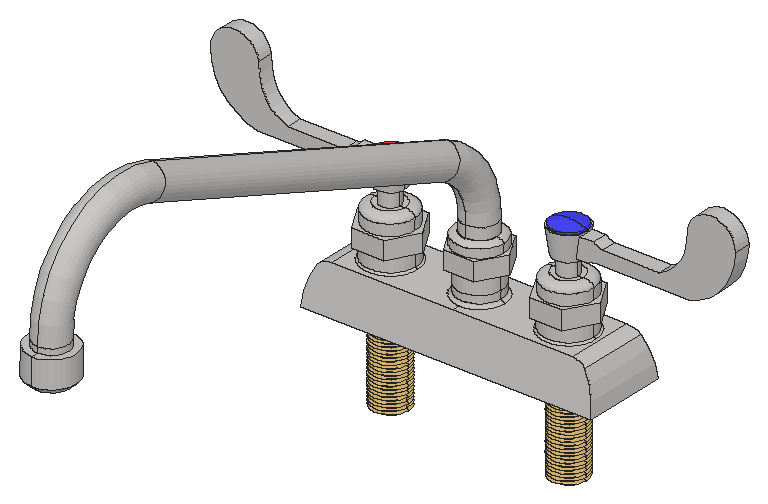
Revit family "15-312L-W-E4", category Specialty Equipment, Revit 2018
Family settings
  Round Connector Dimension = Use Diameter
  Part Type = Normal
  OmniClass Number = 23.45.05.14
  OmniClass Title = Plumbing Fixtures - Sanitary Washing Units
  Work Plane-Based = No
  Always vertical = Yes
  Cut with Voids When Loaded = No
  Shared = No
  Room Calculation Point = No
Parameters
  Plumbing Remarks = ""
  Plumbing Connection Type = ""
  Model = "15-312L-W-E4"
  Masterspec = ""
  Manufacturer = "Krowne Metal"
  Item Number = ""
  Inlet = 1/2"
  Hot Water Temperature = 100 °F
  Hot Water Size = 1/2"
  Hot Water RI Height = 0"
  Hot Water Flow = 1.5 GPM
  Hot Water Connection Height = 0"
  Description = "4\" Deck Mount Faucet with 12\" Spout & Vandal Resistant Wrist Blades Handles"
  Cold Water Size = 1/2"
  Cold Water RI Height = 0"
  Cold Water Flow = 1.5 GPM
  Cold Water Connection Height = 0"
  Assembly Code = "D2010400"
Reference planes
  plane 1 "Center (Front/Back)": y = 0
  plane 2: z = 0
  plane 3 "Center (Left/Right)": x = 0
  plane 4: x = 50.8
  plane 5: x = -50.8
  plane 6: y = -304.8
  plane 7: z = 114.3
  plane 8: z = 200.828
  plane 9: z = 82.55
  plane 10: z = -49.997
Forms (mm)
  Revolve 1, solid, material "Metal- Brass-Chrome Plated Brass"
    sketch origin (0, 0, 0) x (1, 0, 0) y (0, 0, 1)
      loop
        line (-61.101, 0) -> (-61.101, -1.81) -> (-59.556, -2.716) -> (-61.133, -3.623) -> (-59.551, -4.529) -> (-61.126, -5.44) -> (-59.555, -6.344) -> (-61.12, -7.25) -> (-59.556, -8.156) -> (-61.126, -9.067) -> (-59.549, -9.97) -> (-61.126, -10.88) -> (-59.527, -11.768) -> (-61.101, -12.679) -> (-59.549, -13.602) -> (-61.101, -14.499) -> (-59.561, -15.414) -> (-61.132, -16.323) -> (-59.555, -17.231) -> (-61.12, -18.136) -> (-59.549, -19.043) -> (-61.115, -19.946) -> (-59.556, -20.856) -> (-61.126, -21.767) -> (-59.549, -22.67) -> (-61.121, -23.577) -> (-59.528, -24.468) -> (-61.126, -25.393) -> (-59.549, -26.296) -> (-61.115, -27.199) -> (-59.528, -28.095) -> (-61.126, -29.019) -> (-59.556, -29.93) -> (-61.126, -30.833) -> (-59.549, -31.743) -> (-61.132, -32.65) -> (-59.556, -33.556) -> (-61.101, -34.445) -> (-59.549, -35.37) -> (-61.12, -36.276) -> (-59.556, -37.183) -> (-61.132, -38.089) -> (-59.554, -38.997) -> (-61.114, -39.9) -> (-59.556, -40.81) -> (-61.126, -41.719) -> (-59.554, -42.624) -> (-61.101, -43.547) -> (-59.549, -44.436) -> (-61.126, -45.346) -> (-59.549, -46.249) -> (-61.101, -47.145) -> (-59.549, -48.063) -> (-61.12, -48.976) -> (-59.361, -49.997) -> (-50.8, -49.997) -> (-50.8, 0) -> (-61.101, 0)
      axis (-50.8, 0) -> (-50.8, -49.997)
    angle from 0 to 360
  Revolve 2, solid, material "Metal- Brass-Chrome Plated Brass"
    sketch origin (101.6, 0, 0) x (1, 0, 0) y (0, 0, 1)
      loop
        line (-61.101, 0) -> (-61.101, -1.81) -> (-59.556, -2.716) -> (-61.133, -3.623) -> (-59.551, -4.529) -> (-61.126, -5.44) -> (-59.555, -6.344) -> (-61.12, -7.25) -> (-59.556, -8.156) -> (-61.126, -9.067) -> (-59.549, -9.97) -> (-61.126, -10.88) -> (-59.527, -11.768) -> (-61.101, -12.679) -> (-59.549, -13.602) -> (-61.101, -14.499) -> (-59.561, -15.414) -> (-61.132, -16.323) -> (-59.555, -17.231) -> (-61.12, -18.136) -> (-59.549, -19.043) -> (-61.115, -19.946) -> (-59.556, -20.856) -> (-61.126, -21.767) -> (-59.549, -22.67) -> (-61.121, -23.577) -> (-59.528, -24.468) -> (-61.126, -25.393) -> (-59.549, -26.296) -> (-61.115, -27.199) -> (-59.528, -28.095) -> (-61.126, -29.019) -> (-59.556, -29.93) -> (-61.126, -30.833) -> (-59.549, -31.743) -> (-61.132, -32.65) -> (-59.556, -33.556) -> (-61.101, -34.445) -> (-59.549, -35.37) -> (-61.12, -36.276) -> (-59.556, -37.183) -> (-61.132, -38.089) -> (-59.554, -38.997) -> (-61.114, -39.9) -> (-59.556, -40.81) -> (-61.126, -41.719) -> (-59.554, -42.624) -> (-61.101, -43.547) -> (-59.549, -44.436) -> (-61.126, -45.346) -> (-59.549, -46.249) -> (-61.101, -47.145) -> (-59.549, -48.063) -> (-61.12, -48.976) -> (-59.361, -49.997) -> (-50.8, -49.997) -> (-50.8, 0) -> (-61.101, 0)
      axis (-50.8, 0) -> (-50.8, -49.997)
    angle from 0 to 360
  Extrusion 3, solid, material "Metal_Finishes_Stainless Steel"
    sketch origin (0, 0, 0) x (1, 0, 0) y (0, 0, 1)
      loop
        line (0, 24.998) -> (-68.422, 24.998)
        arc (-68.422, 24.998) -> (-72.524, 24.278) -> (-76.137, 22.205) r 12.051
        arc (-76.137, 22.205) -> (-80.87, 11.546) -> (-82.51, 0) r 42.26
        line (-82.51, 0) -> (82.51, 0)
        arc (82.51, 0) -> (80.87, 11.546) -> (76.137, 22.205) r 42.26
        arc (76.137, 22.205) -> (72.524, 24.278) -> (68.422, 24.998) r 12.051
        line (68.422, 24.998) -> (0, 24.998)
    from -25.797 to 25.796
  Extrusion 4, void
    sketch origin (0, 0, 0) x (0, 1, 0) y (0, 0, 1)
      loop
        line (27.815, 25.964) -> (19.05, 25.964) -> (24.097, 0) -> (27.815, 0) -> (27.815, 25.964)
    from -92.047 to 92.74
  Extrusion 5, void
    sketch origin (0, 0, 0) x (0, -1, 0) y (0, 0, -1)
      loop
        line (27.815, -25.964) -> (27.815, 0) -> (24.097, 0) -> (19.05, -25.964) -> (27.815, -25.964)
    from -92.047 to 92.74
  Revolve 6, solid, material "Plastic-Brass-Red"
    sketch origin (0, 0, 0) x (1, 0, 0) y (0, 0, 1)
      loop
        arc (-50.8, 81.518) -> (-55.813, 80.999) -> (-60.546, 79.266) r 20.394
        line (-60.546, 79.266) -> (-60.546, 78.373) -> (-50.8, 78.373) -> (-50.8, 81.518)
      axis (-50.8, 81.518) -> (-50.8, 78.373)
    angle from 0 to 360
  Revolve 7, solid, material "Plastic-Brass-Blue"
    sketch origin (0, 0, 0) x (-1, 0, 0) y (0, 0, 1)
      loop
        arc (-50.8, 81.518) -> (-55.813, 80.999) -> (-60.546, 79.266) r 20.394
        line (-60.546, 79.266) -> (-60.546, 78.373) -> (-50.8, 78.373) -> (-50.8, 81.518)
      axis (-50.8, 81.518) -> (-50.8, 78.373)
    angle from 0 to 360
  Sweep 8, solid, material "Metal_Finishes_Stainless Steel"
    path origin (0, 0, 1.588) x (0, 1, 0) y (0, 0, 1)
      loop
        line (-0.032, 53.887) -> (-0.032, 62.347)
        arc (-0.032, 62.347) -> (-6.765, 86.87) -> (-26.519, 102.884) r 41.577
        line (-26.519, 102.884) -> (-236.354, 184.376)
        arc (-236.354, 184.376) -> (-284.14, 178.18) -> (-304.8, 134.647) r 50.312
        line (-304.8, 134.647) -> (-304.8, 115.748)
    profile origin (0, -131.437, 145.217) x (0, -0.36202, -0.93217) y (1, 0, 0)
      loop
        circle (0, 0) r 9.525
  Revolve 9, solid, material "Metal_Finishes_Stainless Steel"
    sketch origin (0, 0, 6.35) x (0, 1, 0) y (0, 0, 1)
      loop
        line (-290.904, 126.241) -> (-304.8, 126.241) -> (-304.8, 107.95) -> (-293.94, 107.95) -> (-290.904, 110.986) -> (-290.904, 126.241)
      axis (-304.8, 126.241) -> (-304.8, 107.95)
    angle from 0 to 360
  Extrusion 10, void
    sketch origin (0, -384.213, -8.9) x (1, 0, 0) y (0, 1, 0)
      loop
        circle (0, 79.401) r 7.476
      loop
        circle (0, 85.732) r 0.799
      loop
        circle (2.526, 85.1) r 0.799
      loop
        circle (-2.526, 85.1) r 0.799
      loop
        circle (0.07, 83.416) r 0.799
      loop
        circle (2.596, 82.785) r 0.799
      loop
        circle (-2.456, 82.785) r 0.799
      loop
        circle (-4.561, 83.487) r 0.799
      loop
        circle (4.351, 83.627) r 0.799
      loop
        circle (-5.754, 81.592) r 0.799
      loop
        circle (0.14, 81.452) r 0.799
      loop
        circle (4.491, 81.662) r 0.799
      loop
        circle (-1.904, 80.101) r 0.799
      loop
        circle (2.526, 80.75) r 0.799
      loop
        circle (0, 73.07) r 0.799
      loop
        circle (2.526, 73.701) r 0.799
      loop
        circle (-2.526, 73.701) r 0.799
      loop
        circle (0.07, 75.385) r 0.799
      loop
        circle (2.596, 76.017) r 0.799
      loop
        circle (-2.456, 76.017) r 0.799
      loop
        circle (-4.561, 75.315) r 0.799
      loop
        circle (4.351, 75.175) r 0.799
      loop
        circle (-5.754, 77.21) r 0.799
      loop
        circle (0.14, 77.35) r 0.799
      loop
        circle (4.491, 77.14) r 0.799
      loop
        circle (-3.088, 77.911) r 0.799
      loop
        circle (2.526, 78.052) r 0.799
      loop
        circle (4.116, 79.637) r 0.799
      loop
        circle (-3.63, 80.693) r 0.799
      loop
        circle (-0.07, 79.315) r 0.799
      loop
        circle (-5.542, 79.347) r 0.799
      loop
        circle (6.19, 80.509) r 0.799
      loop
        circle (6.159, 78.386) r 0.799
    from 123.2 to 126.236
  Extrusion 11, solid, material "Metal_Finishes_Stainless Steel"
    sketch origin (-5.83, 0, -0.164) x (1, 0, 0) y (0, 0, 1)
      loop
        line (-67.772, 75.098) -> (-100.001, 75.098)
        spline (-100.001, 75.098) -> (-102.705, 76.246) -> (-105.148, 77.623) -> (-107.335, 79.222) -> (-109.272, 81.037) -> (-110.962, 83.061) -> (-112.411, 85.287) -> (-113.623, 87.71) -> (-114.604, 90.323) -> (-115.359, 93.119) -> (-115.891, 96.092) -> (-116.207, 99.236) -> (-116.312, 102.544)
        arc (-116.312, 102.544) -> (-131.027, 114.341) -> (-143.868, 100.526) r 13.852
        arc (-143.868, 100.526) -> (-136.265, 79.056) -> (-116.845, 67.155) r 34.116
        line (-116.845, 67.155) -> (-63.722, 67.155)
        arc (-63.722, 67.155) -> (-61.376, 66.739) -> (-59.316, 65.543) r 6.828
        line (-59.316, 65.543) -> (-51.594, 65.543) -> (-51.594, 77.51) -> (-62.911, 77.51)
        arc (-62.911, 77.51) -> (-65.059, 75.734) -> (-67.772, 75.098) r 6.102
    from -4.471 to 4.471
  Extrusion 12, solid, material "Metal_Finishes_Stainless Steel"
    sketch origin (5.83, 0, -0.164) x (-1, 0, 0) y (0, 0, -1)
      loop
        arc (-67.772, -75.098) -> (-65.059, -75.734) -> (-62.911, -77.51) r 6.102
        line (-62.911, -77.51) -> (-51.594, -77.51) -> (-51.594, -65.543) -> (-59.316, -65.543)
        arc (-59.316, -65.543) -> (-61.376, -66.739) -> (-63.722, -67.155) r 6.828
        line (-63.722, -67.155) -> (-116.845, -67.155)
        arc (-116.845, -67.155) -> (-136.265, -79.056) -> (-143.868, -100.526) r 34.116
        arc (-143.868, -100.526) -> (-131.027, -114.341) -> (-116.312, -102.544) r 13.852
        spline (-116.312, -102.544) -> (-116.207, -99.236) -> (-115.891, -96.092) -> (-115.359, -93.119) -> (-114.604, -90.323) -> (-113.623, -87.71) -> (-112.411, -85.287) -> (-110.962, -83.061) -> (-109.272, -81.037) -> (-107.335, -79.222) -> (-105.148, -77.623) -> (-102.705, -76.246) -> (-100.001, -75.098)
        line (-100.001, -75.098) -> (-67.772, -75.098)
    from -4.471 to 4.471
  Revolve 13, solid, material "Metal_Finishes_Stainless Steel"
    sketch origin (0, 0, 0) x (1, 0, 0) y (0, 0, 1)
      loop
        line (-50.8, 78.373) -> (-61.541, 78.373) -> (-59.298, 63.402) -> (-56.358, 63.402) -> (-56.358, 53.996) -> (-59.416, 53.996)
        spline (-59.416, 53.996) -> (-60.259, 53.902) -> (-61.034, 53.773) -> (-61.741, 53.61) -> (-62.378, 53.412) -> (-62.948, 53.179) -> (-63.448, 52.911) -> (-63.88, 52.609) -> (-64.243, 52.272) -> (-64.538, 51.901) -> (-64.764, 51.494) -> (-64.922, 51.053) -> (-65.011, 50.578)
        line (-65.011, 50.578) -> (-65.011, 44.45) -> (-50.8, 44.45) -> (-50.8, 78.373)
      loop
        line (-66.35, 24.998) -> (-50.8, 24.998) -> (-50.8, 34.202) -> (-65.348, 34.202) -> (-65.348, 26)
        arc (-65.348, 26) -> (-65.642, 25.292) -> (-66.35, 24.998) r 1.002
      axis (-50.8, 78.373) -> (-50.8, 24.998)
    angle from 0 to 360
  Extrusion 14, solid, material "Metal_Finishes_Stainless Steel"
    sketch origin (0, 0, 0) x (1, 0, 0) y (0, 1, 0)
      loop
        line (-59.953, 15.854) -> (-69.106, 0) -> (-59.953, -15.854) -> (-41.647, -15.854) -> (-32.494, 0) -> (-41.647, 15.854) -> (-59.953, 15.854)
    from 34.202 to 44.45
  Revolve 15, solid, material "Metal_Finishes_Stainless Steel"
    sketch origin (0, 0, 0) x (1, 0, 0) y (0, 0, 1)
      loop
        line (-13.963, 55.474) -> (-13.963, 50.68) -> (0, 50.68) -> (0, 57.563) -> (-10.159, 57.563)
        arc (-10.159, 57.563) -> (-12.329, 57.006) -> (-13.963, 55.474) r 4.508
      loop
        line (-12.506, 31.09) -> (-12.506, 26.792)
        arc (-12.506, 26.792) -> (-13.032, 25.524) -> (-14.3, 24.998) r 1.794
        line (-14.3, 24.998) -> (0, 24.998) -> (0, 40.427) -> (-12.506, 40.427) -> (-12.506, 31.09)
      axis (0, 57.563) -> (0, 24.998)
    angle from 0 to 360
  Extrusion 16, solid, material "Metal_Finishes_Stainless Steel"
    sketch origin (-50.8, 0, 0) x (-1, 0, 0) y (0, -1, 0)
      loop
        line (-42.191, -14.911) -> (-33.583, 0) -> (-42.191, 14.911) -> (-59.409, 14.911) -> (-68.017, 0) -> (-59.409, -14.911) -> (-42.191, -14.911)
    from 40.427 to 50.68
  Revolve 17, solid, material "Metal_Finishes_Stainless Steel"
    sketch origin (0, 0, 0) x (-1, 0, 0) y (0, 0, 1)
      loop
        line (-50.8, 78.373) -> (-61.541, 78.373) -> (-59.298, 63.402) -> (-56.358, 63.402) -> (-56.358, 53.996) -> (-59.416, 53.996)
        spline (-59.416, 53.996) -> (-60.259, 53.902) -> (-61.034, 53.773) -> (-61.741, 53.61) -> (-62.378, 53.412) -> (-62.948, 53.179) -> (-63.448, 52.911) -> (-63.88, 52.609) -> (-64.243, 52.272) -> (-64.538, 51.901) -> (-64.764, 51.494) -> (-64.922, 51.053) -> (-65.011, 50.578)
        line (-65.011, 50.578) -> (-65.011, 44.45) -> (-50.8, 44.45) -> (-50.8, 78.373)
      loop
        line (-66.35, 24.998) -> (-50.8, 24.998) -> (-50.8, 34.202) -> (-65.348, 34.202) -> (-65.348, 26)
        arc (-65.348, 26) -> (-65.642, 25.292) -> (-66.35, 24.998) r 1.002
      axis (-50.8, 78.373) -> (-50.8, 24.998)
    angle from 0 to 360
  Extrusion 18, solid, material "Metal_Finishes_Stainless Steel"
    sketch origin (0, 0, 0) x (-1, 0, 0) y (0, -1, 0)
      loop
        line (-59.953, -15.854) -> (-41.647, -15.854) -> (-32.494, 0) -> (-41.647, 15.854) -> (-59.953, 15.854) -> (-69.106, 0) -> (-59.953, -15.854)
    from 34.202 to 44.45
Cuts and joins
  Extrusion 4, Extrusion 5 cuts Extrusion 3
  Extrusion 10 cuts Sweep 8
  Extrusion 10 cuts Revolve 9
  joined: Extrusion 3, Sweep 8, Revolve 9, Extrusion 11, Extrusion 12, Revolve 13, Revolve 15, Revolve 17
Dimensions and locks
  equal spacing: plane 5, plane 3 "Center (Left/Right)", plane 4
  plane 5 to plane 4 = 4"
  plane 1 "Center (Front/Back)" to plane 6 = 12"
  plane 7 to plane 2 = 4 1/2"
  plane 9 to level = 3 1/4"
  plane 8 to plane 10 = 9 7/8"
  aligned and locked: level to plane 2
Automatic sketch dimensions
  Revolve 1 sketch curve to level = 0"
  Revolve 1 sketch curve to plane 10 = 0"
  plane 5 to Revolve 1 sketch curve = 0"  (x2)
  plane 5 to Revolve 1 sketch curve = 0.33703"
  plane 5 to Revolve 1 sketch curve = 0.3436"  (x2)
  Revolve 1 sketch curve to Revolve 1 sketch curve = 0"  (x5)
  Revolve 1 sketch curve to Revolve 1 sketch curve = 0.00084"  (x2)
  plane 10 to Revolve 1 sketch curve = 0.14753"
  Revolve 1 sketch curve to Revolve 1 sketch curve = 0.00741"
  plane 10 to Revolve 1 sketch curve = 0.07613"
  Revolve 1 sketch curve to Revolve 1 sketch curve = 0.00083"
  Revolve 1 sketch curve to Revolve 1 sketch curve = 0.00085"  (x2)
  Revolve 1 sketch curve to Revolve 1 sketch curve = 0.0001"
  Revolve 1 sketch curve to Revolve 1 sketch curve = 0.00021"  (x2)
  Revolve 1 sketch curve to Revolve 1 sketch curve = 0.00023"  (x2)
  Revolve 1 sketch curve to Revolve 1 sketch curve = 0.00014"
  Revolve 1 sketch curve to Revolve 1 sketch curve = 0.00028"  (x4)
  Revolve 1 sketch curve to Revolve 1 sketch curve = 0.00007"
  Revolve 1 sketch curve to Revolve 1 sketch curve = 0.00004"
  Revolve 1 sketch curve to level = 0.10694"
  Revolve 1 sketch curve to Revolve 1 sketch curve = 0.00019"  (x2)
  Revolve 1 sketch curve to Revolve 1 sketch curve = 0.00047"
  Revolve 1 sketch curve to Revolve 1 sketch curve = 0.06064"
  Revolve 1 sketch curve to Revolve 1 sketch curve = 0.06083"  (x2)
  plane 10 to Revolve 1 sketch curve = 0.11228"
  Revolve 1 sketch curve to Revolve 1 sketch curve = 0.06111"  (x3)
  Revolve 1 sketch curve to Revolve 1 sketch curve = 0.06142"
  Revolve 1 sketch curve to Revolve 1 sketch curve = 0.06165"
  Revolve 1 sketch curve to Revolve 1 sketch curve = 0.0614"
  Revolve 1 sketch curve to Revolve 1 sketch curve = 0.06161"
  Revolve 1 sketch curve to Revolve 1 sketch curve = 0.06157"
  plane 10 to Revolve 1 sketch curve = 0.04018"
  Revolve 1 sketch curve to Revolve 1 sketch curve = 0.06185"
  Revolve 1 sketch curve to Revolve 1 sketch curve = 0.06158"
  Revolve 1 sketch curve to Revolve 1 sketch curve = 0.0619"
  Revolve 1 sketch curve to Revolve 1 sketch curve = 0.00043"
  Revolve 1 sketch curve to Revolve 1 sketch curve = 0.0618"
  Revolve 1 sketch curve to Revolve 1 sketch curve = 0.06188"
  Revolve 1 sketch curve to Revolve 1 sketch curve = 0.06181"  (x2)
  plane 10 to Revolve 1 sketch curve = 0.18308"
  Revolve 1 sketch curve to Revolve 1 sketch curve = 0.00098"
  Revolve 1 sketch curve to Revolve 1 sketch curve = 0.001"
  Revolve 1 sketch curve to Revolve 1 sketch curve = 0.00122"
  Revolve 1 sketch curve to Revolve 1 sketch curve = 0.0007"
  Revolve 1 sketch curve to Revolve 1 sketch curve = 0.0005"
  Revolve 1 sketch curve to level = 0.14263"
  Revolve 1 sketch curve to Revolve 1 sketch curve = 0.00125"
  Revolve 1 sketch curve to Revolve 1 sketch curve = 0.0714"  (x4)
  Revolve 1 sketch curve to Revolve 1 sketch curve = 0.03499"
  Revolve 1 sketch curve to Revolve 1 sketch curve = 0.03634"
  Revolve 1 sketch curve to Revolve 1 sketch curve = 0.03562"
  Revolve 1 sketch curve to Revolve 1 sketch curve = 0.07143"
  Revolve 1 sketch curve to Revolve 1 sketch curve = 0.03582"
  Revolve 1 sketch curve to Revolve 1 sketch curve = 0.03554"  (x2)
  Revolve 1 sketch curve to Revolve 1 sketch curve = 0.07127"  (x2)
  Revolve 1 sketch curve to Revolve 1 sketch curve = 0.07141"
  Revolve 1 sketch curve to Revolve 1 sketch curve = 0.03573"
  Revolve 1 sketch curve to Revolve 1 sketch curve = 0.03567"
  Revolve 1 sketch curve to Revolve 1 sketch curve = 0.03643"
  Revolve 1 sketch curve to Revolve 1 sketch curve = 0.03497"
  Revolve 1 sketch curve to Revolve 1 sketch curve = 0.07067"
  Revolve 1 sketch curve to Revolve 1 sketch curve = 0.07139"
  Revolve 1 sketch curve to Revolve 1 sketch curve = 0.07153"
  Revolve 1 sketch curve to Revolve 1 sketch curve = 0.07226"
  Revolve 1 sketch curve to Revolve 1 sketch curve = 0.07165"
  Revolve 1 sketch curve to Revolve 1 sketch curve = 0.07081"  (x2)
  Revolve 1 sketch curve to Revolve 1 sketch curve = 0.07111"
  Revolve 1 sketch curve to Revolve 1 sketch curve = 0.07195"
  Revolve 1 sketch curve to Revolve 1 sketch curve = 0.07151"
  Revolve 1 sketch curve to Revolve 1 sketch curve = 0.07082"
  Revolve 1 sketch curve to Revolve 1 sketch curve = 0.07126"
  Revolve 1 sketch curve to Revolve 1 sketch curve = 0.03584"  (x2)
  Revolve 1 sketch curve to Revolve 1 sketch curve = 0.03553"
  Revolve 1 sketch curve to Revolve 1 sketch curve = 0.07125"
  Revolve 1 sketch curve to Revolve 1 sketch curve = 0.03565"
  Revolve 1 sketch curve to Revolve 1 sketch curve = 0.07138"  (x2)
  Revolve 1 sketch curve to Revolve 1 sketch curve = 0.03581"
  Revolve 1 sketch curve to Revolve 1 sketch curve = 0.03601"
  Revolve 1 sketch curve to Revolve 1 sketch curve = 0.0353"
  Revolve 1 sketch curve to Revolve 1 sketch curve = 0.03637"
  Revolve 1 sketch curve to Revolve 1 sketch curve = 0.07083"
  Revolve 1 sketch curve to Revolve 1 sketch curve = 0.03568"  (x2)
  Revolve 1 sketch curve to Revolve 1 sketch curve = 0.03566"
  Revolve 1 sketch curve to Revolve 1 sketch curve = 0.07135"
  Revolve 1 sketch curve to Revolve 1 sketch curve = 0.26456"
  Revolve 1 sketch curve to Revolve 1 sketch curve = 0.05033"
  Revolve 2 sketch curve to level = 0"
  Revolve 2 sketch curve to plane 10 = 0"
  Revolve 2 sketch curve to plane 4 = 0"  (x2)
  Revolve 2 sketch curve to plane 4 = 0.33703"
  Revolve 2 sketch curve to plane 4 = 0.3436"  (x2)
  Revolve 2 sketch curve to Revolve 2 sketch curve = 0"  (x5)
  Revolve 2 sketch curve to Revolve 2 sketch curve = 0.00084"  (x2)
  plane 10 to Revolve 2 sketch curve = 0.14753"
  Revolve 2 sketch curve to Revolve 2 sketch curve = 0.00741"
  plane 10 to Revolve 2 sketch curve = 0.07613"
  Revolve 2 sketch curve to Revolve 2 sketch curve = 0.00083"
  Revolve 2 sketch curve to Revolve 2 sketch curve = 0.00085"  (x2)
  Revolve 2 sketch curve to Revolve 2 sketch curve = 0.0001"
  Revolve 2 sketch curve to Revolve 2 sketch curve = 0.00021"  (x2)
  Revolve 2 sketch curve to Revolve 2 sketch curve = 0.00023"  (x2)
  Revolve 2 sketch curve to Revolve 2 sketch curve = 0.00014"
  Revolve 2 sketch curve to Revolve 2 sketch curve = 0.00028"  (x4)
  Revolve 2 sketch curve to Revolve 2 sketch curve = 0.00007"
  Revolve 2 sketch curve to Revolve 2 sketch curve = 0.00004"
  Revolve 2 sketch curve to level = 0.10694"
  Revolve 2 sketch curve to Revolve 2 sketch curve = 0.00019"  (x2)
  Revolve 2 sketch curve to Revolve 2 sketch curve = 0.00047"
  Revolve 2 sketch curve to Revolve 2 sketch curve = 0.06064"
  Revolve 2 sketch curve to Revolve 2 sketch curve = 0.06083"  (x2)
  plane 10 to Revolve 2 sketch curve = 0.11228"
  Revolve 2 sketch curve to Revolve 2 sketch curve = 0.06111"  (x3)
  Revolve 2 sketch curve to Revolve 2 sketch curve = 0.06142"
  Revolve 2 sketch curve to Revolve 2 sketch curve = 0.06165"
  Revolve 2 sketch curve to Revolve 2 sketch curve = 0.0614"
  Revolve 2 sketch curve to Revolve 2 sketch curve = 0.06161"
  Revolve 2 sketch curve to Revolve 2 sketch curve = 0.06157"
  plane 10 to Revolve 2 sketch curve = 0.04018"
  Revolve 2 sketch curve to Revolve 2 sketch curve = 0.06185"
  Revolve 2 sketch curve to Revolve 2 sketch curve = 0.06158"
  Revolve 2 sketch curve to Revolve 2 sketch curve = 0.0619"
  Revolve 2 sketch curve to Revolve 2 sketch curve = 0.00043"
  Revolve 2 sketch curve to Revolve 2 sketch curve = 0.0618"
  Revolve 2 sketch curve to Revolve 2 sketch curve = 0.06188"
  Revolve 2 sketch curve to Revolve 2 sketch curve = 0.06181"  (x2)
  plane 10 to Revolve 2 sketch curve = 0.18308"
  Revolve 2 sketch curve to Revolve 2 sketch curve = 0.00098"
  Revolve 2 sketch curve to Revolve 2 sketch curve = 0.001"
  Revolve 2 sketch curve to Revolve 2 sketch curve = 0.00122"
  Revolve 2 sketch curve to Revolve 2 sketch curve = 0.0007"
  Revolve 2 sketch curve to Revolve 2 sketch curve = 0.0005"
  Revolve 2 sketch curve to level = 0.14263"
  Revolve 2 sketch curve to Revolve 2 sketch curve = 0.00125"
  Revolve 2 sketch curve to Revolve 2 sketch curve = 0.0714"  (x4)
  Revolve 2 sketch curve to Revolve 2 sketch curve = 0.03499"
  Revolve 2 sketch curve to Revolve 2 sketch curve = 0.03634"
  Revolve 2 sketch curve to Revolve 2 sketch curve = 0.03562"
  Revolve 2 sketch curve to Revolve 2 sketch curve = 0.07143"
  Revolve 2 sketch curve to Revolve 2 sketch curve = 0.03582"
  Revolve 2 sketch curve to Revolve 2 sketch curve = 0.03554"  (x2)
  Revolve 2 sketch curve to Revolve 2 sketch curve = 0.07127"  (x2)
  Revolve 2 sketch curve to Revolve 2 sketch curve = 0.07141"
  Revolve 2 sketch curve to Revolve 2 sketch curve = 0.03573"
  Revolve 2 sketch curve to Revolve 2 sketch curve = 0.03567"
  Revolve 2 sketch curve to Revolve 2 sketch curve = 0.03643"
  Revolve 2 sketch curve to Revolve 2 sketch curve = 0.03497"
  Revolve 2 sketch curve to Revolve 2 sketch curve = 0.07067"
  Revolve 2 sketch curve to Revolve 2 sketch curve = 0.07139"
  Revolve 2 sketch curve to Revolve 2 sketch curve = 0.07153"
  Revolve 2 sketch curve to Revolve 2 sketch curve = 0.07226"
  Revolve 2 sketch curve to Revolve 2 sketch curve = 0.07165"
  Revolve 2 sketch curve to Revolve 2 sketch curve = 0.07081"  (x2)
  Revolve 2 sketch curve to Revolve 2 sketch curve = 0.07111"
  Revolve 2 sketch curve to Revolve 2 sketch curve = 0.07195"
  Revolve 2 sketch curve to Revolve 2 sketch curve = 0.07151"
  Revolve 2 sketch curve to Revolve 2 sketch curve = 0.07082"
  Revolve 2 sketch curve to Revolve 2 sketch curve = 0.07126"
  Revolve 2 sketch curve to Revolve 2 sketch curve = 0.03584"  (x2)
  Revolve 2 sketch curve to Revolve 2 sketch curve = 0.03553"
  Revolve 2 sketch curve to Revolve 2 sketch curve = 0.07125"
  Revolve 2 sketch curve to Revolve 2 sketch curve = 0.03565"
  Revolve 2 sketch curve to Revolve 2 sketch curve = 0.07138"  (x2)
  Revolve 2 sketch curve to Revolve 2 sketch curve = 0.03581"
  Revolve 2 sketch curve to Revolve 2 sketch curve = 0.03601"
  Revolve 2 sketch curve to Revolve 2 sketch curve = 0.0353"
  Revolve 2 sketch curve to Revolve 2 sketch curve = 0.03637"
  Revolve 2 sketch curve to Revolve 2 sketch curve = 0.07083"
  Revolve 2 sketch curve to Revolve 2 sketch curve = 0.03568"  (x2)
  Revolve 2 sketch curve to Revolve 2 sketch curve = 0.03566"
  Revolve 2 sketch curve to Revolve 2 sketch curve = 0.07135"
  Revolve 2 sketch curve to Revolve 2 sketch curve = 0.26456"
  Revolve 2 sketch curve to Revolve 2 sketch curve = 0.05033"
  Extrusion 3 sketch curve to level = 0"
  Extrusion 3 sketch curve to plane 3 "Center (Left/Right)" = 0"
  Extrusion 3 sketch curve to level = 0.00442"  (x2)
  Extrusion 3 sketch curve to plane 5 = 0.41534"
  plane 5 to Extrusion 3 sketch curve = 0.69377"
  Extrusion 3 sketch curve to Extrusion 3 sketch curve = 0.55466"  (x2)
  Extrusion 3 sketch curve to plane 4 = 0.41534"
  plane 4 to Extrusion 3 sketch curve = 0.69377"
  level to Extrusion 3 sketch curve = 0.50975"  (x2)
  level to Extrusion 3 sketch curve = 0.98419"
  Extrusion 4 sketch curve to level = 0"
  Extrusion 4 sketch curve to plane 1 "Center (Front/Back)" = 3/4"
  Extrusion 4 sketch curve to plane 1 "Center (Front/Back)" = 0.9487"
  Extrusion 4 sketch curve to Extrusion 4 sketch curve = 0.34507"
  level to Extrusion 4 sketch curve = 1.02222"
  Extrusion 5 sketch curve to level = 0"
  Extrusion 5 sketch curve to plane 1 "Center (Front/Back)" = 3/4"
  Extrusion 5 sketch curve to plane 1 "Center (Front/Back)" = 0.9487"
  Extrusion 5 sketch curve to Extrusion 5 sketch curve = 0.34507"
  Extrusion 5 sketch curve to level = 1.02222"
  plane 5 to Revolve 6 sketch curve = 0"  (x2)
  plane 5 to Revolve 6 sketch curve = 0.0166"
  Revolve 6 sketch curve to plane 9 = 0.16446"
  plane 5 to Revolve 6 sketch curve = 0.38369"
  Revolve 6 sketch curve to Revolve 6 sketch curve = 0.67891"
  Revolve 6 sketch curve to Revolve 6 sketch curve = 0.03519"
  Revolve 6 sketch curve to Revolve 6 sketch curve = 0.04662"
  Revolve 6 sketch curve to Revolve 6 sketch curve = 0"
  Revolve 7 sketch curve to plane 4 = 0"  (x2)
  Revolve 7 sketch curve to plane 4 = 0.0166"
  plane 9 to Revolve 7 sketch curve = 0.16446"
  Revolve 7 sketch curve to plane 4 = 0.38369"
  Revolve 7 sketch curve to Revolve 7 sketch curve = 0.67891"
  Revolve 7 sketch curve to Revolve 7 sketch curve = 0.03519"
  Revolve 7 sketch curve to Revolve 7 sketch curve = 0.04662"
  Revolve 7 sketch curve to Revolve 7 sketch curve = 0"
  Sweep 8 sketch curve to plane 6 = 0"
  plane 7 to Sweep 8 sketch curve = 0.97497"
  plane 6 to Sweep 8 sketch curve = 1.97764"
  Sweep 8 sketch curve to plane 8 = 0.58524"
  Sweep 8 sketch curve to Sweep 8 sketch curve = 0.71708"
  Sweep 8 sketch curve to plane 9 = 0.66283"
  plane 1 "Center (Front/Back)" to Sweep 8 sketch curve = 1.63665"
  Sweep 8 sketch curve to plane 7 = 0.38695"
  plane 1 "Center (Front/Back)" to Sweep 8 sketch curve = 1.04406"
  plane 1 "Center (Front/Back)" to Sweep 8 sketch curve = 0.00125"
  Sweep 8 sketch curve to Sweep 8 sketch curve = 0.3331"
  plane 7 to Sweep 8 sketch curve = 0.11951"
  Sweep 8 sketch curve to plane 3 "Center (Left/Right)" = 0"
  Sweep 8 sketch curve to profile plane = 0"
  Revolve 9 sketch curve to plane 6 = 0"  (x2)
  Revolve 9 sketch curve to plane 7 = 0"
  Revolve 9 sketch curve to Revolve 9 sketch curve = 0.42758"
  Revolve 9 sketch curve to Revolve 9 sketch curve = 0.11951"
  plane 7 to Revolve 9 sketch curve = 0.11951"
  Revolve 9 sketch curve to Revolve 9 sketch curve = 0.6006"
  plane 7 to Revolve 9 sketch curve = 1/4"
  Revolve 9 sketch curve to Revolve 9 sketch curve = 0.10007"
  Extrusion 10 sketch curve to Extrusion 10 sketch curve = 0"  (x2)
  Extrusion 10 sketch curve to plane 3 "Center (Left/Right)" = 0"  (x3)
  Extrusion 10 sketch curve to plane 3 "Center (Left/Right)" = 0.00276"
  plane 6 to Extrusion 10 sketch curve = 0.02709"
  Extrusion 10 sketch curve to plane 3 "Center (Left/Right)" = 0.07498"
  Extrusion 10 sketch curve to plane 3 "Center (Left/Right)" = 0.09669"  (x2)
  Extrusion 10 sketch curve to Extrusion 10 sketch curve = 0.00276"  (x4)
  Extrusion 10 sketch curve to Extrusion 10 sketch curve = 0.02486"
  Extrusion 10 sketch curve to Extrusion 10 sketch curve = 0.06794"
  Extrusion 10 sketch curve to Extrusion 10 sketch curve = 0.08288"  (x2)
  Extrusion 10 sketch curve to plane 6 = 0.00261"
  Extrusion 10 sketch curve to Extrusion 10 sketch curve = 0.07526"
  Extrusion 10 sketch curve to Extrusion 10 sketch curve = 0.00836"
  Extrusion 10 sketch curve to Extrusion 10 sketch curve = 0.04696"
  plane 3 "Center (Left/Right)" to Extrusion 10 sketch curve = 0.00276"  (x2)
  plane 3 "Center (Left/Right)" to Extrusion 10 sketch curve = 0.00553"  (x2)
  plane 3 "Center (Left/Right)" to Extrusion 10 sketch curve = 0.09945"  (x2)
  Extrusion 10 sketch curve to Extrusion 10 sketch curve = 0.09393"  (x2)
  plane 6 to Extrusion 10 sketch curve = 0.00882"
  Extrusion 10 sketch curve to Extrusion 10 sketch curve = 0.06259"
  Extrusion 10 sketch curve to Extrusion 10 sketch curve = 0.06907"  (x2)
  Extrusion 10 sketch curve to Extrusion 10 sketch curve = 0.00553"  (x2)
  Extrusion 10 sketch curve to plane 6 = 0.04046"
  Extrusion 10 sketch curve to Extrusion 10 sketch curve = 0.06569"
  Extrusion 10 sketch curve to Extrusion 10 sketch curve = 0.06688"
  Extrusion 10 sketch curve to plane 6 = 0.0536"
  Extrusion 10 sketch curve to plane 6 = 0.05913"
  Extrusion 10 sketch curve to plane 6 = 0.08123"
  Extrusion 10 sketch curve to Extrusion 10 sketch curve = 0.08414"
  Extrusion 10 sketch curve to Extrusion 10 sketch curve = 0.04906"
  Extrusion 10 sketch curve to Extrusion 10 sketch curve = 0.07459"
  Extrusion 10 sketch curve to Extrusion 10 sketch curve = 0.08012"  (x2)
  Extrusion 10 sketch curve to Extrusion 10 sketch curve = 0.07735"  (x2)
  Extrusion 10 sketch curve to Extrusion 10 sketch curve = 0.02763"  (x2)
  Extrusion 10 sketch curve to Extrusion 10 sketch curve = 0.03315"  (x2)
  Extrusion 10 sketch curve to Extrusion 10 sketch curve = 0.09117"  (x6)
  Extrusion 10 sketch curve to plane 6 = 0.00387"
  Extrusion 10 sketch curve to plane 6 = 0.00049"
  plane 6 to Extrusion 10 sketch curve = 0.04315"
  plane 6 to Extrusion 10 sketch curve = 0.05039"
  plane 6 to Extrusion 10 sketch curve = 0.05262"
  plane 6 to Extrusion 10 sketch curve = 0.08025"
  plane 6 to Extrusion 10 sketch curve = 0.08577"
  Extrusion 10 sketch curve to Extrusion 10 sketch curve = 0.04539"
  Extrusion 10 sketch curve to Extrusion 10 sketch curve = 0.08235"
  Extrusion 10 sketch curve to Extrusion 10 sketch curve = 0.04506"
  Extrusion 11 sketch curve to plane 7 = 0.54871"
  plane 5 to Extrusion 11 sketch curve = 3.34827"
  Extrusion 11 sketch curve to Extrusion 11 sketch curve = 0.51856"
  Extrusion 11 sketch curve to plane 7 = 0.46928"
  Extrusion 11 sketch curve to Extrusion 11 sketch curve = 0.53953"
  Extrusion 11 sketch curve to Extrusion 11 sketch curve = 0.25828"
  Extrusion 11 sketch curve to plane 9 = 0.29984"
  Extrusion 11 sketch curve to Extrusion 11 sketch curve = 0.66313"
  Extrusion 11 sketch curve to plane 9 = 0.05959"
  plane 5 to Extrusion 11 sketch curve = 0.89771"
  Extrusion 11 sketch curve to Extrusion 11 sketch curve = 0.15943"
  Extrusion 11 sketch curve to plane 9 = 0.20487"
  Extrusion 11 sketch curve to Extrusion 11 sketch curve = 0.17349"
  plane 5 to Extrusion 11 sketch curve = 0.26078"
  Extrusion 11 sketch curve to Extrusion 11 sketch curve = 0.31269"
  Extrusion 11 sketch curve to Extrusion 11 sketch curve = 0.06348"
  Extrusion 12 sketch curve to plane 7 = 0.54871"
  plane 4 to Extrusion 12 sketch curve = 3.34827"
  Extrusion 12 sketch curve to Extrusion 12 sketch curve = 0.51856"
  Extrusion 12 sketch curve to plane 7 = 0.46928"
  Extrusion 12 sketch curve to Extrusion 12 sketch curve = 0.53953"
  Extrusion 12 sketch curve to Extrusion 12 sketch curve = 0.25828"
  Extrusion 12 sketch curve to plane 9 = 0.29984"
  Extrusion 12 sketch curve to Extrusion 12 sketch curve = 0.66313"
  Extrusion 12 sketch curve to plane 9 = 0.05959"
  plane 4 to Extrusion 12 sketch curve = 0.89771"
  Extrusion 12 sketch curve to Extrusion 12 sketch curve = 0.15943"
  Extrusion 12 sketch curve to plane 9 = 0.20487"
  Extrusion 12 sketch curve to Extrusion 12 sketch curve = 0.17349"
  plane 4 to Extrusion 12 sketch curve = 0.26078"
  Extrusion 12 sketch curve to plane 9 = 0.61253"
  Extrusion 12 sketch curve to Extrusion 12 sketch curve = 0.06348"
  plane 5 to Revolve 13 sketch curve = 0"  (x3)
  Revolve 13 sketch curve to Revolve 13 sketch curve = 0.21883"
  Revolve 13 sketch curve to Revolve 13 sketch curve = 0.11572"
  Revolve 13 sketch curve to Revolve 13 sketch curve = 0.12037"
  Revolve 13 sketch curve to plane 9 = 0.16446"
  Revolve 13 sketch curve to Revolve 13 sketch curve = 0.42287"
  Revolve 13 sketch curve to Revolve 13 sketch curve = 0.22028"
  Revolve 13 sketch curve to Revolve 13 sketch curve = 0.01329"
  Revolve 13 sketch curve to Revolve 13 sketch curve = 0.03944"
  Revolve 13 sketch curve to Revolve 13 sketch curve = 0.58942"
  Revolve 13 sketch curve to Revolve 13 sketch curve = 0.37028"
  Revolve 13 sketch curve to Revolve 13 sketch curve = 0.13459"
  Revolve 13 sketch curve to Revolve 13 sketch curve = 0.24125"
  Revolve 13 sketch curve to Revolve 13 sketch curve = 0.40345"
  Revolve 13 sketch curve to Revolve 13 sketch curve = 0.32292"
  Revolve 13 sketch curve to Revolve 13 sketch curve = 0"
  Revolve 13 sketch curve to Revolve 13 sketch curve = 0.09098"
  plane 1 "Center (Front/Back)" to Extrusion 14 sketch curve = 0"  (x2)
  plane 5 to Extrusion 14 sketch curve = 0.72073"
  plane 5 to Extrusion 14 sketch curve = 0.36036"  (x2)
  Extrusion 14 sketch curve to plane 5 = 0.36036"  (x2)
  Extrusion 14 sketch curve to Extrusion 14 sketch curve = 0.36036"
  plane 1 "Center (Front/Back)" to Extrusion 14 sketch curve = 0.62417"
  Extrusion 14 sketch curve to plane 1 "Center (Front/Back)" = 0.62417"
  Revolve 15 sketch curve to plane 3 "Center (Left/Right)" = 0"  (x3)
  Revolve 15 sketch curve to plane 3 "Center (Left/Right)" = 0.39996"
  Revolve 15 sketch curve to plane 3 "Center (Left/Right)" = 0.49237"
  Revolve 15 sketch curve to Revolve 15 sketch curve = 0.14975"
  Revolve 15 sketch curve to Revolve 15 sketch curve = 0.07063"
  level to Revolve 15 sketch curve = 0.98419"
  Revolve 15 sketch curve to Revolve 15 sketch curve = 0.16921"
  Revolve 15 sketch curve to Revolve 15 sketch curve = 0.60743"
  Revolve 15 sketch curve to Revolve 15 sketch curve = 0.40366"
  Revolve 15 sketch curve to Revolve 15 sketch curve = 0.09349"
  Revolve 15 sketch curve to Revolve 15 sketch curve = 0.09526"
  Revolve 15 sketch curve to Revolve 15 sketch curve = 3/32"
  Revolve 15 sketch curve to Revolve 15 sketch curve = 0.06154"
  plane 1 "Center (Front/Back)" to Extrusion 16 sketch curve = 0"  (x2)
  Extrusion 16 sketch curve to plane 3 "Center (Left/Right)" = 0.67785"
  Extrusion 16 sketch curve to plane 3 "Center (Left/Right)" = 0.33893"  (x2)
  plane 3 "Center (Left/Right)" to Extrusion 16 sketch curve = 0.33893"  (x2)
  plane 3 "Center (Left/Right)" to Extrusion 16 sketch curve = 0.67785"
  Extrusion 16 sketch curve to plane 1 "Center (Front/Back)" = 0.58704"
  plane 1 "Center (Front/Back)" to Extrusion 16 sketch curve = 0.58704"
  Revolve 17 sketch curve to plane 4 = 0"  (x3)
  Revolve 17 sketch curve to plane 4 = 0.21883"
  Revolve 17 sketch curve to Revolve 17 sketch curve = 0.11572"
  Revolve 17 sketch curve to Revolve 17 sketch curve = 0.12037"
  plane 9 to Revolve 17 sketch curve = 0.16446"
  Revolve 17 sketch curve to plane 4 = 0.42287"
  Revolve 17 sketch curve to Revolve 17 sketch curve = 0.22028"
  Revolve 17 sketch curve to Revolve 17 sketch curve = 0.01329"
  Revolve 17 sketch curve to Revolve 17 sketch curve = 0.03944"
  Revolve 17 sketch curve to Revolve 17 sketch curve = 0.58942"
  Revolve 17 sketch curve to Revolve 17 sketch curve = 0.37028"
  Revolve 17 sketch curve to Revolve 17 sketch curve = 0.13459"
  Revolve 17 sketch curve to Revolve 17 sketch curve = 0.24125"
  Revolve 17 sketch curve to Revolve 17 sketch curve = 0.40345"
  Revolve 17 sketch curve to Revolve 17 sketch curve = 0.32292"
  Revolve 17 sketch curve to Revolve 17 sketch curve = 0"
  Revolve 17 sketch curve to Revolve 17 sketch curve = 0.09098"
  plane 1 "Center (Front/Back)" to Extrusion 18 sketch curve = 0"  (x2)
  plane 4 to Extrusion 18 sketch curve = 0.72073"
  plane 4 to Extrusion 18 sketch curve = 0.36036"  (x2)
  Extrusion 18 sketch curve to plane 4 = 0.36036"  (x2)
  Extrusion 18 sketch curve to Extrusion 18 sketch curve = 0.36036"
  Extrusion 18 sketch curve to plane 1 "Center (Front/Back)" = 0.62417"
  plane 1 "Center (Front/Back)" to Extrusion 18 sketch curve = 0.62417"
  radius of Sweep 8 sketch curve = 3/8"
  radius of Extrusion 10 sketch curve = 0.03144"  (x32)
Connectors
  piping at (50.8, 0, -49.997), diameter 12.7, driven by "Inlet"
    settings: on Revolve 2, index 1, connector inside diameter 24", connector length 0", flow factor 0, pipe flow 0 GPM, pressure drop 0.00 psi, fitting loss kfactor 0, connector angle 0.00°, fixture units 0, engagement length 0", angle of deflection 0.00°, flow configuration 0, flow direction 1, fitting loss method 0, system type 20, joint type 0, gender type 0, connector reference index -1, connector utility 0, adjustable connector no, is connector primary yes, connector description ""
  piping at (-50.8, 0, -49.997), diameter 12.7, driven by "Inlet"
    settings: on Revolve 1, index 2, connector inside diameter 24", connector length 0", flow factor 0, pipe flow 0 GPM, pressure drop 0.00 psi, fitting loss kfactor 0, connector angle 0.00°, fixture units 0, engagement length 0", angle of deflection 0.00°, flow configuration 0, flow direction 1, fitting loss method 0, system type 19, joint type 0, gender type 0, connector reference index -1, connector utility 0, adjustable connector no, is connector primary no, connector description ""
